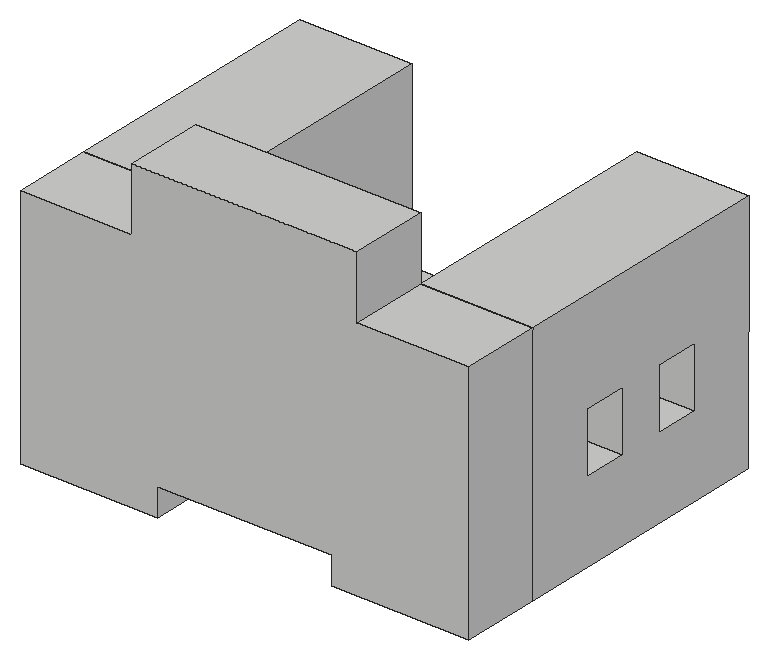
Revit family "PV Unterteil, 3 polig in Y- Schaltung mit Fernsignalisierung", category Generic Models, Revit 2015
Parameters (values of type "V20-C U-3PH-Y-FS")
  Width = 90 mm
  URL = "http://www.obo-bettermann.com"
  Material = OBO PA 6 GF20
  Manufacturer Art.No. = "5096646"
  Manufacturer = "OBO Bettermann"
  Length = 54 mm
  Height = 61.8 mm
  GTIN = "4012195648499"
  Cut depth = 12 mm
  Article Type = "V20-C U-3PH-Y-FS"
Reference planes
  plane 1 "Center (Front/Back)": y = 0
  plane 2: z = 0
  plane 3 "Center (Left/Right)": x = 0
  plane 4: z = 54.998
  plane 5: y = 27
  plane 6: y = -27
  plane 7: z = 37
  plane 8: z = 48
  plane 9: z = 46
  plane 10: z = 58
  plane 11: z = 61.8
  plane 12: x = 30.5
  plane 13: y = -43
Forms (mm)
  Extrusion 1, solid, material "OBO PA 6 GF20" <- "Material"
    sketch origin (0, 0, 0) x (1, 0, 0) y (0, 0, 1)
      loop
        line (0, 5.5) -> (17.5, 5.5) -> (17.5, 0) -> (45, 0) -> (45, 49) -> (-45, 49) -> (-45, 0) -> (-17.5, 0) -> (-17.5, 5.5) -> (0, 5.5)
    from -27 to 27
  Extrusion 2, void
    sketch origin (0, 0, 0) x (1, 0, 0) y (0, 0, 1)
      loop
        line (-22.55, 49) -> (-22.55, 12.55) -> (22.55, 12.55) -> (22.55, 49) -> (-22.55, 49)
    from -27 to 27
  Extrusion 3, void
    sketch origin (0, 0, 0) x (0, 1, 0) y (0, 0, 1)
      loop
        line (13.5, 28.5) -> (4.5, 28.5) -> (4.5, 16.3) -> (13.5, 16.3) -> (13.5, 28.5)
      loop
        line (-4.5, 28.5) -> (-13.5, 28.5) -> (-13.5, 16.3) -> (-4.5, 16.3) -> (-4.5, 28.5)
    from 30.5 to 45
  Extrusion 4, solid, material "OBO PA 6 GF20" <- "Material"
    sketch origin (0, 0, 0) x (1, 0, 0) y (0, 0, 1)
      loop
        line (-45, 49) -> (-45, 0) -> (-17.5, 0) -> (-17.5, 5.5) -> (0, 5.5) -> (17.5, 5.5) -> (17.5, 0) -> (45, 0) -> (45, 49) -> (22.541, 49) -> (22.541, 61.8) -> (-22.55, 61.8) -> (-22.55, 49) -> (-45, 49)
    from 27 to 43
Cuts and joins
  Extrusion 2, Extrusion 3 cuts Extrusion 1
Dimensions and locks
  locked: Extrusion 1 sketch curve to plane 3 "Center (Left/Right)" at 45
  locked: Extrusion 1 sketch curve to level at 5.5
  locked: Extrusion 1 sketch curve to plane 3 "Center (Left/Right)" at 17.5
  "Width": Extrusion 1 sketch curve to Extrusion 1 sketch curve
  locked: plane 3 "Center (Left/Right)" to Extrusion 1 sketch curve at 17.5
  locked: Extrusion 1 sketch curve to level at 49
  "Length": plane 5 to plane 6
  locked: plane 8 to plane 9 at 2
  Extrusion 2 sketch curve to Extrusion 2 sketch curve = 45.1 mm
  equal spacing: Extrusion 2 sketch curve, plane 3 "Center (Left/Right)", Extrusion 2 sketch curve, locked at 22.55 each
  locked: Extrusion 1 to Extrusion 2 sketch curve at 36.45
  locked: plane 10 to cut or joined group of Extrusion 1, Extrusion 2, Extrusion 3 at 9
  "Height": plane 11 to level
  locked: plane 5 to plane 1 "Center (Front/Back)" at 27
  locked: Extrusion 3 sketch curve to Extrusion 3 sketch curve at 12.2
  locked: Extrusion 3 sketch curve to Extrusion 3 sketch curve at 9  (x3)
  equal spacing: Extrusion 3 sketch curve, plane 1 "Center (Front/Back)", Extrusion 3 sketch curve, locked at 4.5 each
  locked: Extrusion 3 sketch curve to level at 16.3
  locked: cut or joined group of Extrusion 1, Extrusion 2, Extrusion 3 to plane 12 at 14.5
  locked: plane 13 to plane 5 at 70
  aligned and locked: level to plane 2
  aligned and locked: Extrusion 1 to plane 5
  aligned and locked: plane 6 to Extrusion 1
  aligned and locked: level to Extrusion 1 sketch curve
  aligned and locked: Extrusion 2 sketch curve to Extrusion 1
  aligned and locked: Extrusion 1 to Extrusion 2  (x2)
  aligned and locked: Extrusion 3 sketch curve to Extrusion 3 sketch curve  (x2)
  aligned and locked: Extrusion 3 to plane 12
  aligned and locked: Extrusion 1 to Extrusion 3
  aligned and locked: Extrusion 4 sketch curve to cut or joined group of Extrusion 1, Extrusion 2, Extrusion 3  (x9)
  aligned and locked: Extrusion 4 sketch curve to Extrusion 4 sketch curve
  aligned and locked: Extrusion 4 sketch curve to plane 11
  aligned and locked: Extrusion 4 to plane 6
  aligned and locked: Extrusion 4 to plane 13
Automatic sketch dimensions
  Extrusion 1 sketch curve to plane 3 "Center (Left/Right)" = 0 mm
  Extrusion 1 sketch curve to level = 0 mm
  Extrusion 4 sketch curve to plane 3 "Center (Left/Right)" = 0 mm
  Extrusion 4 sketch curve to Extrusion 4 sketch curve = 22.45 mm
  Extrusion 4 sketch curve to plane 12 = 7.959 mm
